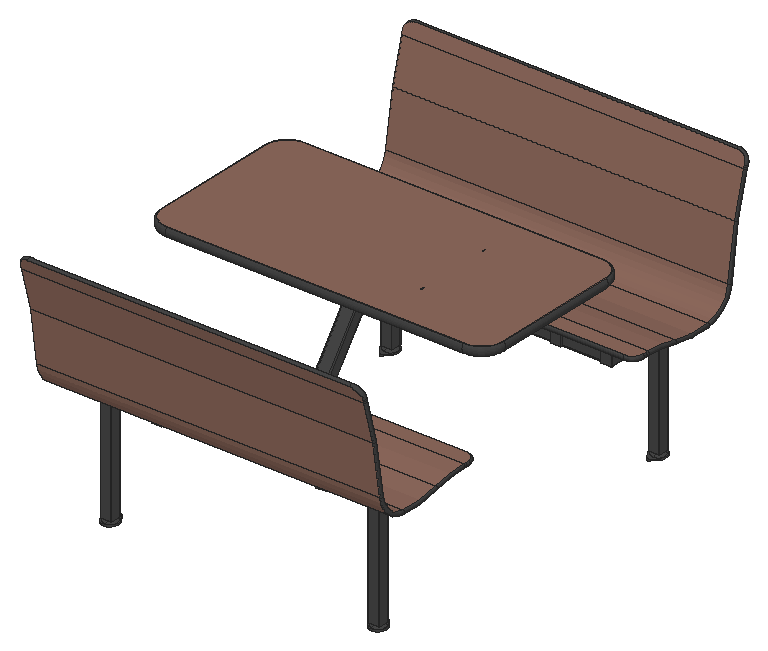
Revit family "Plymold-Contour-Island_Unit", category Furniture, Revit 2022
Family settings
  OmniClass Number = 23.40.20.00
  OmniClass Title = General Furniture and Specialties
  Work Plane-Based = No
  Always vertical = Yes
  Cut with Voids When Loaded = No
  Render Appearance Source = Family Geometry
  Shared = No
  Room Calculation Point = No
Parameters (values of type "CBIS047VE")
  Width = 47"
  VE = yes
  URL = "https://plymold.com/"
  Type Comments = "Contour"  # constant formula
  Top Finish = PLY - Wood Mahogany
  TPD = no
  Sustainability = "https://plymold.com/plymolds-sustainability-efforts/"
  Support Finish = PLY - Onyx Black Powdercoat
  Seat Finish = PLY - Wood Mahogany
  Revit File Built By = "https://servex-us.com/servex-revit/"
  Product Documentation Link = "https://plymold.com/product/contour-island-unit/"
  PVC = no
  Model = "CBIS047VE"
  Manufacturer = "Plymold"  # constant formula
  Keynote = "12500"  # constant formula
  Height = 36"
  Glide Finish = PLY - Plastic Black
  Frame Finish = PLY - Onyx Black Powdercoat
  Edge Finish = PLY - Plastic Black
  Description = "Contour Booth Unit w/Vinyl Edge Table Top - 47\"W x 63\"D x 36\"H"
  Depth = 63"
  Default Elevation = 0"
  DE = no
  Cap Finish = PLY - Plastic Black
  Assembly Code = "E2020200"
Reference planes (in)
  plane 1 "Center Front/Back": y = 0
  plane 2: z = 0
  plane 3 "Center Left/Right": x = 0
  plane 4: x = -23.5
  plane 5: x = 23.5
  plane 6: y = 31.5
  plane 7: y = -31.5
  plane 8: z = 36
  plane 9: z = 30
  plane 10: x = -8
  plane 11: x = 8
  plane 12: x = 5.5
  plane 13: x = -5.5
  plane 14: z = 0.55431
  plane 15: x = -17.5
  plane 16: x = 17.5
  plane 17: x = 0.623
  plane 18: x = 0.75
  plane 19: x = -0.623
  plane 20: x = -0.75
  plane 21: y = 15.14552
  plane 22: y = 15.07552
  plane 23: y = -15.14552
  plane 24: y = -15.07552
Forms (in)
  Extrusion 1, solid, material "PLY - Onyx Black Powdercoat" <- "Frame Finish"
    sketch origin (0, 0, 0) x (0, 1, 0) y (0, 0, 1)
      loop
        line (7.21939, 28.75086) -> (3.28251, 28.75086)
        arc (3.28251, 28.75086) -> (3.08146, 28.66758) -> (2.99819, 28.46653) r 0.28433
        line (2.99819, 28.46653) -> (2.99819, 26.2529) -> (3.13269, 26.2529) -> (3.13269, 28.46159)
        arc (3.13269, 28.46159) -> (3.17803, 28.57107) -> (3.28751, 28.61642) r 0.15483
        line (3.28751, 28.61642) -> (7.21939, 28.61642) -> (7.21939, 28.75086)
      loop
        line (-7.21939, 28.75086) -> (-7.21939, 28.61642) -> (-3.28751, 28.61642)
        arc (-3.28751, 28.61642) -> (-3.17803, 28.57107) -> (-3.13269, 28.46159) r 0.15483
        line (-3.13269, 28.46159) -> (-3.13269, 26.2529) -> (-2.99819, 26.2529) -> (-2.99819, 28.46653)
        arc (-2.99819, 28.46653) -> (-3.08146, 28.66758) -> (-3.28251, 28.75086) r 0.28433
        line (-3.28251, 28.75086) -> (-7.21939, 28.75086)
    from -8 to 8
  Extrusion 2, solid, material "PLY - Onyx Black Powdercoat" <- "Frame Finish"
    sketch origin (0, 0, 0) x (1, 0, 0) y (0, 0, 1)
      loop
        line (-2.25, 26.4393) -> (-2.25, 27.56886)
        arc (-2.25, 27.56886) -> (-2.30473, 27.701) -> (-2.43687, 27.75573) r 0.18687
        line (-2.43687, 27.75573) -> (-3.5625, 27.75573)
        arc (-3.5625, 27.75573) -> (-3.69508, 27.70081) -> (-3.75, 27.56823) r 0.1875
        line (-3.75, 27.56823) -> (-3.75, 26.44039)
        arc (-3.75, 26.44039) -> (-3.69509, 26.30782) -> (-3.56251, 26.2529) r 0.18749
        line (-3.56251, 26.2529) -> (-2.4364, 26.2529)
        arc (-2.4364, 26.2529) -> (-2.3046, 26.3075) -> (-2.25, 26.4393) r 0.1864
      loop
        arc (2.25, 26.4393) -> (2.3046, 26.3075) -> (2.4364, 26.2529) r 0.1864
        line (2.4364, 26.2529) -> (3.56251, 26.2529)
        arc (3.56251, 26.2529) -> (3.69509, 26.30782) -> (3.75, 26.44039) r 0.18749
        line (3.75, 26.44039) -> (3.75, 27.56823)
        arc (3.75, 27.56823) -> (3.69508, 27.70081) -> (3.5625, 27.75573) r 0.1875
        line (3.5625, 27.75573) -> (2.43687, 27.75573)
        arc (2.43687, 27.75573) -> (2.30473, 27.701) -> (2.25, 27.56886) r 0.18687
        line (2.25, 27.56886) -> (2.25, 26.4393)
    from -2.87191 to 2.87191
  Extrusion 3, solid, material "PLY - Onyx Black Powdercoat" <- "Frame Finish"
    sketch origin (0, 0, 0) x (0, 1, 0) y (0, 0, 1)
      loop
        line (2.87191, 27.75296) -> (2.87191, 26.2529) -> (2.99819, 26.2529) -> (2.99819, 27.75296) -> (2.87191, 27.75296)
      loop
        line (-2.87191, 27.75296) -> (-2.99819, 27.75296) -> (-2.99819, 26.2529) -> (-2.87191, 26.2529) -> (-2.87191, 27.75296)
    from -5.5 to 5.5
  Sweep 4, solid, material "PLY - Onyx Black Powdercoat" <- "Frame Finish"
    path origin (0, 0, 0) x (0, 1, 0) y (0, 0, 1)
      loop
        line (23.16702, 14.81734) -> (11.64517, 14.81734) -> (1.7216, 27.99963)
    profile origin (0, 17.40609, 14.81734) x (0, 0, -1) y (1, 0, 0)
      loop
        line (0, -0.85937) -> (0, 0.85938)
        arc (0, 0.85938) -> (-0.04119, 0.95881) -> (-0.14063, 1) r 0.14063
        line (-0.14063, 1) -> (-1.36935, 1)
        arc (-1.36935, 1) -> (-1.46997, 0.95832) -> (-1.51165, 0.8577) r 0.1423
        line (-1.51165, 0.8577) -> (-1.51165, -0.85937)
        arc (-1.51165, -0.85937) -> (-1.47046, -0.95881) -> (-1.37102, -1) r 0.14063
        line (-1.37102, -1) -> (-0.14062, -1)
        arc (-0.14062, -1) -> (-0.04119, -0.95881) -> (0, -0.85937) r 0.14063
  Sweep 5, solid, material "PLY - Onyx Black Powdercoat" <- "Frame Finish"
    path origin (0, 0, 0) x (0, -1, 0) y (0, 0, -1)
      loop
        line (23.15911, -14.81734) -> (11.64517, -14.81734) -> (1.7216, -27.99963)
    profile origin (0, -17.40214, 14.81734) x (0, 0, 1) y (1, 0, 0)
      loop
        arc (0, -0.85937) -> (0.04119, -0.95881) -> (0.14062, -1) r 0.14063
        line (0.14062, -1) -> (1.37102, -1)
        arc (1.37102, -1) -> (1.47046, -0.95881) -> (1.51165, -0.85937) r 0.14063
        line (1.51165, -0.85937) -> (1.51165, 0.8577)
        arc (1.51165, 0.8577) -> (1.46997, 0.95832) -> (1.36935, 1) r 0.1423
        line (1.36935, 1) -> (0.14062, 1)
        arc (0.14062, 1) -> (0.04119, 0.95881) -> (0, 0.85938) r 0.14063
        line (0, 0.85938) -> (0, -0.85937)
  Extrusion 6, void
    sketch origin (0, 0, 0) x (0, 1, 0) y (0, 0, 1)
      loop
        line (3.13269, 25.31037) -> (3.13269, 29.56037) -> (-3.13269, 29.56037) -> (-3.13269, 25.31037) -> (3.13269, 25.31037)
    from -8 to 5.5
  Extrusion 7, solid, material "PLY - Onyx Black Powdercoat" <- "Frame Finish"
    sketch origin (0, 0, 0) x (0, 1, 0) y (0, 0, 1)
      loop
        line (24.60455, 16.32899) -> (23.22952, 16.32899)
        arc (23.22952, 16.32899) -> (23.18532, 16.31068) -> (23.16702, 16.26649) r 0.0625
        line (23.16702, 16.26649) -> (23.16702, 14.87984)
        arc (23.16702, 14.87984) -> (23.18532, 14.83564) -> (23.22952, 14.81734) r 0.0625
        line (23.22952, 14.81734) -> (24.60455, 14.81734)
        arc (24.60455, 14.81734) -> (24.64874, 14.83564) -> (24.66705, 14.87984) r 0.0625
        line (24.66705, 14.87984) -> (24.66705, 16.26649)
        arc (24.66705, 16.26649) -> (24.64874, 16.31068) -> (24.60455, 16.32899) r 0.0625
      loop
        arc (-24.59664, 16.32899) -> (-24.64084, 16.31068) -> (-24.65914, 16.26649) r 0.0625
        line (-24.65914, 16.26649) -> (-24.65914, 14.87984)
        arc (-24.65914, 14.87984) -> (-24.64084, 14.83564) -> (-24.59664, 14.81734) r 0.0625
        line (-24.59664, 14.81734) -> (-23.22161, 14.81734)
        arc (-23.22161, 14.81734) -> (-23.17742, 14.83564) -> (-23.15911, 14.87984) r 0.0625
        line (-23.15911, 14.87984) -> (-23.15911, 16.26649)
        arc (-23.15911, 16.26649) -> (-23.17742, 16.31068) -> (-23.22161, 16.32899) r 0.0625
        line (-23.22161, 16.32899) -> (-24.59664, 16.32899)
    from -17.5 to 17.5
  Extrusion 8, solid, material "PLY - Onyx Black Powdercoat" <- "Frame Finish"
    sketch origin (0, 0, 0) x (0, 1, 0) y (0, 0, 1)
      loop
        arc (15.53417, 16.32899) -> (15.48997, 16.31068) -> (15.47167, 16.26649) r 0.0625
        line (15.47167, 16.26649) -> (15.47167, 14.87984)
        arc (15.47167, 14.87984) -> (15.48997, 14.83564) -> (15.53417, 14.81734) r 0.0625
        line (15.53417, 14.81734) -> (16.90917, 14.81734)
        arc (16.90917, 14.81734) -> (16.95336, 14.83564) -> (16.97167, 14.87984) r 0.0625
        line (16.97167, 14.87984) -> (16.97167, 16.26649)
        arc (16.97167, 16.26649) -> (16.95336, 16.31068) -> (16.90917, 16.32899) r 0.0625
        line (16.90917, 16.32899) -> (15.53417, 16.32899)
      loop
        line (-15.53417, 16.32899) -> (-16.90917, 16.32899)
        arc (-16.90917, 16.32899) -> (-16.95336, 16.31068) -> (-16.97167, 16.26649) r 0.0625
        line (-16.97167, 16.26649) -> (-16.97167, 14.87984)
        arc (-16.97167, 14.87984) -> (-16.95336, 14.83564) -> (-16.90917, 14.81734) r 0.0625
        line (-16.90917, 14.81734) -> (-15.53417, 14.81734)
        arc (-15.53417, 14.81734) -> (-15.48997, 14.83564) -> (-15.47167, 14.87984) r 0.0625
        line (-15.47167, 14.87984) -> (-15.47167, 16.26649)
        arc (-15.47167, 16.26649) -> (-15.48997, 16.31068) -> (-15.53417, 16.32899) r 0.0625
    from -17.5 to 17.5
  Extrusion 9, solid, material "PLY - Onyx Black Powdercoat" <- "Frame Finish"
    sketch origin (0, 0, 0) x (1, 0, 0) y (0, 0, 1)
      loop
        line (-17.5625, 16.32899) -> (-18.9375, 16.32899)
        arc (-18.9375, 16.32899) -> (-18.98169, 16.31068) -> (-19, 16.26649) r 0.0625
        line (-19, 16.26649) -> (-19, 14.87984)
        arc (-19, 14.87984) -> (-18.98169, 14.83564) -> (-18.9375, 14.81734) r 0.0625
        line (-18.9375, 14.81734) -> (-17.5625, 14.81734)
        arc (-17.5625, 14.81734) -> (-17.51831, 14.83564) -> (-17.5, 14.87984) r 0.0625
        line (-17.5, 14.87984) -> (-17.5, 16.26649)
        arc (-17.5, 16.26649) -> (-17.51831, 16.31068) -> (-17.5625, 16.32899) r 0.0625
      loop
        arc (17.5625, 16.32899) -> (17.51831, 16.31068) -> (17.5, 16.26649) r 0.0625
        line (17.5, 16.26649) -> (17.5, 14.87984)
        arc (17.5, 14.87984) -> (17.51831, 14.83564) -> (17.5625, 14.81734) r 0.0625
        line (17.5625, 14.81734) -> (18.9375, 14.81734)
        arc (18.9375, 14.81734) -> (18.98169, 14.83564) -> (19, 14.87984) r 0.0625
        line (19, 14.87984) -> (19, 16.26649)
        arc (19, 16.26649) -> (18.98169, 16.31068) -> (18.9375, 16.32899) r 0.0625
        line (18.9375, 16.32899) -> (17.5625, 16.32899)
    from 15.14552 to 23.15911
  Extrusion 10, solid, material "PLY - Onyx Black Powdercoat" <- "Frame Finish"
    sketch origin (0, 0, 0) x (1, 0, 0) y (0, 0, -1)
      loop
        arc (-17.5625, -16.32899) -> (-17.51831, -16.31068) -> (-17.5, -16.26649) r 0.0625
        line (-17.5, -16.26649) -> (-17.5, -14.87984)
        arc (-17.5, -14.87984) -> (-17.51831, -14.83564) -> (-17.5625, -14.81734) r 0.0625
        line (-17.5625, -14.81734) -> (-18.9375, -14.81734)
        arc (-18.9375, -14.81734) -> (-18.98169, -14.83564) -> (-19, -14.87984) r 0.0625
        line (-19, -14.87984) -> (-19, -16.26649)
        arc (-19, -16.26649) -> (-18.98169, -16.31068) -> (-18.9375, -16.32899) r 0.0625
        line (-18.9375, -16.32899) -> (-17.5625, -16.32899)
      loop
        line (17.5625, -16.32899) -> (18.9375, -16.32899)
        arc (18.9375, -16.32899) -> (18.98169, -16.31068) -> (19, -16.26649) r 0.0625
        line (19, -16.26649) -> (19, -14.87984)
        arc (19, -14.87984) -> (18.98169, -14.83564) -> (18.9375, -14.81734) r 0.0625
        line (18.9375, -14.81734) -> (17.5625, -14.81734)
        arc (17.5625, -14.81734) -> (17.51831, -14.83564) -> (17.5, -14.87984) r 0.0625
        line (17.5, -14.87984) -> (17.5, -16.26649)
        arc (17.5, -16.26649) -> (17.51831, -16.31068) -> (17.5625, -16.32899) r 0.0625
    from 15.14552 to 23.16702
  Extrusion 11, solid, material "PLY - Onyx Black Powdercoat" <- "Frame Finish"
    sketch origin (0, 0, 0) x (1, 0, 0) y (0, 1, 0)
      loop
        line (-19, 24.60455) -> (-19, 23.22952)
        arc (-19, 23.22952) -> (-18.98169, 23.18532) -> (-18.9375, 23.16702) r 0.0625
        line (-18.9375, 23.16702) -> (-17.5625, 23.16702)
        arc (-17.5625, 23.16702) -> (-17.51831, 23.18532) -> (-17.5, 23.22952) r 0.0625
        line (-17.5, 23.22952) -> (-17.5, 24.60455)
        arc (-17.5, 24.60455) -> (-17.51831, 24.64874) -> (-17.5625, 24.66705) r 0.0625
        line (-17.5625, 24.66705) -> (-18.9375, 24.66705)
        arc (-18.9375, 24.66705) -> (-18.98169, 24.64874) -> (-19, 24.60455) r 0.0625
      loop
        arc (19, 24.60455) -> (18.98169, 24.64874) -> (18.9375, 24.66705) r 0.0625
        line (18.9375, 24.66705) -> (17.5625, 24.66705)
        arc (17.5625, 24.66705) -> (17.51831, 24.64874) -> (17.5, 24.60455) r 0.0625
        line (17.5, 24.60455) -> (17.5, 23.22952)
        arc (17.5, 23.22952) -> (17.51831, 23.18532) -> (17.5625, 23.16702) r 0.0625
        line (17.5625, 23.16702) -> (18.9375, 23.16702)
        arc (18.9375, 23.16702) -> (18.98169, 23.18532) -> (19, 23.22952) r 0.0625
        line (19, 23.22952) -> (19, 24.60455)
      loop
        arc (-17.5, -23.22161) -> (-17.51831, -23.17742) -> (-17.5625, -23.15911) r 0.0625
        line (-17.5625, -23.15911) -> (-18.9375, -23.15911)
        arc (-18.9375, -23.15911) -> (-18.98169, -23.17742) -> (-19, -23.22161) r 0.0625
        line (-19, -23.22161) -> (-19, -24.59664)
        arc (-19, -24.59664) -> (-18.98169, -24.64084) -> (-18.9375, -24.65914) r 0.0625
        line (-18.9375, -24.65914) -> (-17.5625, -24.65914)
        arc (-17.5625, -24.65914) -> (-17.51831, -24.64084) -> (-17.5, -24.59664) r 0.0625
        line (-17.5, -24.59664) -> (-17.5, -23.22161)
      loop
        line (17.5, -23.22161) -> (17.5, -24.59664)
        arc (17.5, -24.59664) -> (17.51831, -24.64084) -> (17.5625, -24.65914) r 0.0625
        line (17.5625, -24.65914) -> (18.9375, -24.65914)
        arc (18.9375, -24.65914) -> (18.98169, -24.64084) -> (19, -24.59664) r 0.0625
        line (19, -24.59664) -> (19, -23.22161)
        arc (19, -23.22161) -> (18.98169, -23.17742) -> (18.9375, -23.15911) r 0.0625
        line (18.9375, -23.15911) -> (17.5625, -23.15911)
        arc (17.5625, -23.15911) -> (17.51831, -23.17742) -> (17.5, -23.22161) r 0.0625
    from 0.55431 to 16.32899
  Extrusion 12, void
    sketch origin (0, 0, 0) x (1, 0, 0) y (0, 0, 1)
      loop
        line (-5.36689, 26.37369) -> (-8.16254, 28.8976) -> (-8.16254, 26.13432) -> (-4.94968, 26.13432) -> (-4.94968, 26.2529) -> (-5.05284, 26.2529)
        arc (-5.05284, 26.2529) -> (-5.22108, 26.28414) -> (-5.36689, 26.37369) r 0.46866
      loop
        arc (5.36689, 26.37369) -> (5.22108, 26.28414) -> (5.05284, 26.2529) r 0.46866
        line (5.05284, 26.2529) -> (4.94968, 26.2529) -> (4.94968, 26.13432) -> (8.16254, 26.13432) -> (8.16254, 28.8976) -> (5.36689, 26.37369)
    from -7.21939 to 7.21939
  Extrusion 13, solid, material "PLY - Onyx Black Powdercoat" <- "Support Finish"
    sketch origin (0, 0, 0) x (0, 1, 0) y (0, 0, 1)
      loop
        line (4.8583, 28.61642) -> (3.14939, 28.61642) -> (4.8583, 26.34863) -> (4.8583, 28.61642)
    from 0.623 to 0.75
  Extrusion 14, solid, material "PLY - Onyx Black Powdercoat" <- "Support Finish"
    sketch origin (0, 0, 0) x (0, 1, 0) y (0, 0, 1)
      loop
        line (-4.8587, 28.61642) -> (-4.8587, 26.34575) -> (-3.14935, 28.61642) -> (-4.8587, 28.61642)
    from -0.75 to -0.623
  Extrusion 15, solid, material "PLY - Plastic Black" <- "Cap Finish"
    sketch origin (-2.625, 46.73752, 0.11023) x (1, 0, 0) y (0, 0, 1)
      loop
        line (21.525, 16.21293) -> (20.225, 16.21293)
        arc (20.225, 16.21293) -> (20.15429, 16.18364) -> (20.125, 16.11293) r 0.1
        line (20.125, 16.11293) -> (20.125, 14.81293)
        arc (20.125, 14.81293) -> (20.15429, 14.74222) -> (20.225, 14.71293) r 0.1
        line (20.225, 14.71293) -> (21.525, 14.71293)
        arc (21.525, 14.71293) -> (21.59571, 14.74222) -> (21.625, 14.81293) r 0.1
        line (21.625, 14.81293) -> (21.625, 16.11293)
        arc (21.625, 16.11293) -> (21.59571, 16.18364) -> (21.525, 16.21293) r 0.1
      loop
        arc (-16.275, 16.21293) -> (-16.34571, 16.18364) -> (-16.375, 16.11293) r 0.1
        line (-16.375, 16.11293) -> (-16.375, 14.81293)
        arc (-16.375, 14.81293) -> (-16.34571, 14.74222) -> (-16.275, 14.71293) r 0.1
        line (-16.275, 14.71293) -> (-14.975, 14.71293)
        arc (-14.975, 14.71293) -> (-14.90429, 14.74222) -> (-14.875, 14.81293) r 0.1
        line (-14.875, 14.81293) -> (-14.875, 16.11293)
        arc (-14.875, 16.11293) -> (-14.90429, 16.18364) -> (-14.975, 16.21293) r 0.1
        line (-14.975, 16.21293) -> (-16.275, 16.21293)
    from 31.592 to 31.662
  Extrusion 16, solid, material "PLY - Plastic Black" <- "Cap Finish"
    sketch origin (-2.625, 25.23752, 0.11023) x (1, 0, 0) y (0, 0, 1)
      loop
        line (21.525, 16.21293) -> (20.225, 16.21293)
        arc (20.225, 16.21293) -> (20.15429, 16.18364) -> (20.125, 16.11293) r 0.1
        line (20.125, 16.11293) -> (20.125, 14.81293)
        arc (20.125, 14.81293) -> (20.15429, 14.74222) -> (20.225, 14.71293) r 0.1
        line (20.225, 14.71293) -> (21.525, 14.71293)
        arc (21.525, 14.71293) -> (21.59571, 14.74222) -> (21.625, 14.81293) r 0.1
        line (21.625, 14.81293) -> (21.625, 16.11293)
        arc (21.625, 16.11293) -> (21.59571, 16.18364) -> (21.525, 16.21293) r 0.1
      loop
        arc (-16.275, 16.21293) -> (-16.34571, 16.18364) -> (-16.375, 16.11293) r 0.1
        line (-16.375, 16.11293) -> (-16.375, 14.81293)
        arc (-16.375, 14.81293) -> (-16.34571, 14.74222) -> (-16.275, 14.71293) r 0.1
        line (-16.275, 14.71293) -> (-14.975, 14.71293)
        arc (-14.975, 14.71293) -> (-14.90429, 14.74222) -> (-14.875, 14.81293) r 0.1
        line (-14.875, 14.81293) -> (-14.875, 16.11293)
        arc (-14.875, 16.11293) -> (-14.90429, 16.18364) -> (-14.975, 16.21293) r 0.1
        line (-14.975, 16.21293) -> (-16.275, 16.21293)
    from 40.31304 to 40.38304
Cuts and joins
  Extrusion 6 cuts Sweep 4
  Extrusion 6 cuts Sweep 5
  joined: Sweep 4, Sweep 5, Extrusion 8
  Extrusion 12 cuts Extrusion 1
Lines and regions (in)
  symbolic lines, style "FurnitureHiddenLines", detail levels medium+fine
    curve 1: line (-19, 24.66705, 0) -> (19, 24.66705, 0)
    curve 2: line (19, 24.66705, 0) -> (19, 15.14552, 0)
    curve 3: line (19, 15.14552, 0) -> (-19, 15.14552, 0)
    curve 4: line (-19, 15.14552, 0) -> (-19, 24.66705, 0)
    curve 5: line (-17.5, 23.16702, 0) -> (17.5, 23.16702, 0)
    curve 6: line (-17.5, 16.97167, 0) -> (-17.5, 23.16702, 0)
    curve 7: line (17.5, 16.97167, 0) -> (-17.5, 16.97167, 0)
    curve 8: line (17.5, 23.16702, 0) -> (17.5, 16.97167, 0)
    curve 9: line (-17.5, -23.15911, 0) -> (17.5, -23.15911, 0)
    curve 10: line (-17.5, -16.97167, 0) -> (-17.5, -23.15911, 0)
    curve 11: line (17.5, -16.97167, 0) -> (-17.5, -16.97167, 0)
    curve 12: line (17.5, -23.15911, 0) -> (17.5, -16.97167, 0)
    curve 13: line (-19, -15.15948, 0) -> (19, -15.15948, 0)
    curve 14: line (-19, -24.65948, 0) -> (-19, -15.15948, 0)
    curve 15: line (19, -24.65948, 0) -> (-19, -24.65948, 0)
    curve 16: line (19, -15.15948, 0) -> (19, -24.65948, 0)
    curve 17: line (-1, 7.21939, 0) -> (-1, 15.14552, 0)
    curve 18: line (-1, -7.21939, 0) -> (-1, -15.15948, 0)
    curve 19: line (0.99934, -7.21939, 0) -> (0.99934, -15.15948, 0)
    curve 20: line (-8, -7.21939, 0) -> (8, -7.21939, 0)
    curve 21: line (-8, -2.99819, 0) -> (-8, -7.21939, 0)
    curve 22: line (8, -2.99819, 0) -> (-8, -2.99819, 0)
    curve 23: line (8, -7.21939, 0) -> (8, -2.99819, 0)
    curve 24: line (-8, 7.21939, 0) -> (8, 7.21939, 0)
    curve 25: line (-8, 2.99819, 0) -> (-8, 7.21939, 0)
    curve 26: line (8, 2.99819, 0) -> (-8, 2.99819, 0)
    curve 27: line (8, 7.21939, 0) -> (8, 2.99819, 0)
    curve 28: line (1, 7.21939, 0) -> (1, 15.14552, 0)
    curve 29: line (-3.75, 2.99819, 0) -> (-3.75, -2.99819, 0)
    curve 30: line (-2.25, 2.99819, 0) -> (-2.25, -2.99819, 0)
    curve 31: line (3.75, 2.99819, 0) -> (3.75, -2.99819, 0)
    curve 32: line (2.25, 2.99819, 0) -> (2.25, -2.99819, 0)
Dimensions and locks (in)
  equal spacing: plane 4, plane 3 "Center Left/Right", plane 5
  "Width": plane 4 to plane 5
  equal spacing: plane 6, plane 1 "Center Front/Back", plane 7
  "Depth": plane 6 to plane 7
  Extrusion 3 sketch curve to Extrusion 3 sketch curve to plane 1 "Center Front/Back" to Extrusion 3 sketch curve to Extrusion 3 sketch curve = 0.12627" locked, 2.87191" locked, 2.87191" locked, 0.12627" locked
  Extrusion 3 sketch curve to Extrusion 3 sketch curve to plane 2 = 1.50006" locked, 26.2529" locked  (x2)
  Extrusion 2 sketch curve to Extrusion 2 sketch curve to plane 3 "Center Left/Right" to Extrusion 2 sketch curve to Extrusion 2 sketch curve = 1.12563" locked, 2.43687" locked, 2.43687" locked, 1.12563" locked
  Extrusion 2 sketch curve to Extrusion 2 sketch curve to plane 3 "Center Left/Right" to Extrusion 2 sketch curve to Extrusion 2 sketch curve = 1.12611" locked, 2.4364" locked, 2.4364" locked, 1.12611" locked
  Extrusion 2 sketch curve to Extrusion 2 sketch curve to plane 2 = 1.12784" locked, 26.44039" locked  (x2)
  Extrusion 2 sketch curve to Extrusion 2 sketch curve to plane 2 = 1.12956" locked, 26.4393" locked  (x2)
  Extrusion 1 sketch curve to Extrusion 1 sketch curve to Extrusion 1 sketch curve to plane 2 = 0.00494" locked, 2.20869" locked, 26.2529" locked
  plane 2 to Extrusion 1 sketch curve to Extrusion 1 sketch curve to Extrusion 1 sketch curve = 26.2529" locked, 2.20869" locked, 0.00494" locked
  Extrusion 1 sketch curve to Extrusion 1 sketch curve to Extrusion 1 sketch curve to plane 1 "Center Front/Back" to Extrusion 1 sketch curve to Extrusion 1 sketch curve to Extrusion 1 sketch curve = 3.93188" locked, 0.005" locked, 3.28251" locked, 3.28251" locked, 0.005" locked, 3.93188" locked
  plane 2 to Extrusion 6 sketch curve to Extrusion 6 sketch curve = 25.31037" locked, 4 1/4" locked
  Extrusion 6 sketch curve to plane 1 "Center Front/Back" to Extrusion 6 sketch curve = 3.13269", 3.13269"
  Extrusion 8 sketch curve to Extrusion 8 sketch curve to plane 2 = 1.38665" locked, 14.87984" locked  (x4)
  Extrusion 8 sketch curve to Extrusion 8 sketch curve to plane 1 "Center Front/Back" = 1 3/8" locked, 15.53417" locked  (x2)
  plane 1 "Center Front/Back" to Extrusion 8 sketch curve to Extrusion 8 sketch curve = 15.53417" locked, 1 3/8" locked  (x2)
  Extrusion 9 sketch curve to Extrusion 9 sketch curve to plane 5 = 1 3/8" locked, 4 9/16" locked  (x2)
  Extrusion 9 sketch curve to Extrusion 9 sketch curve to plane 4 = 1 3/8" locked, 4 9/16" locked
  plane 4 to Extrusion 9 sketch curve to Extrusion 9 sketch curve = 4 9/16" locked, 1 3/8" locked
  Extrusion 9 sketch curve to Extrusion 9 sketch curve to plane 2 = 1.38665" locked, 14.87984" locked  (x4)
  Extrusion 10 sketch curve to Extrusion 10 sketch curve to plane 5 = 1 3/8" locked, 4 9/16" locked  (x2)
  Extrusion 10 sketch curve to Extrusion 10 sketch curve to plane 2 = 1.38665" locked, 14.87984"
  Extrusion 10 sketch curve to Extrusion 10 sketch curve to plane 2 = 1.38665" locked, 14.87984" locked  (x3)
  Extrusion 10 sketch curve to Extrusion 10 sketch curve to plane 4 = 1 3/8" locked, 4 9/16" locked
  plane 4 to Extrusion 10 sketch curve to Extrusion 10 sketch curve = 4 9/16" locked, 1 3/8" locked
  Extrusion 11 sketch curve to Extrusion 11 sketch curve to plane 5 = 1 3/8" locked, 4 9/16" locked  (x4)
  Extrusion 11 sketch curve to Extrusion 11 sketch curve to plane 4 = 1 3/8" locked, 4 9/16" locked  (x2)
  plane 4 to Extrusion 11 sketch curve to Extrusion 11 sketch curve = 4 9/16" locked, 1 3/8" locked  (x2)
  Extrusion 11 sketch curve to Extrusion 11 sketch curve to plane 6 = 1.37503" locked, 6.89545" locked  (x4)
  locked: plane 4 to plane 15 at 6
  locked: plane 16 to plane 5 at 6
  Extrusion 11 sketch curve to Extrusion 11 sketch curve to plane 7 = 1.37503" locked, 6.90336" locked  (x4)
  Extrusion 12 sketch curve to Extrusion 12 sketch curve to Extrusion 12 sketch curve to plane 3 "Center Left/Right" to Extrusion 12 sketch curve to Extrusion 12 sketch curve to Extrusion 12 sketch curve = 3.1097" locked, 0.10316" locked, 4.94968" locked, 4.94968" locked, 0.10316" locked, 3.1097" locked
  Extrusion 12 sketch curve to Extrusion 12 sketch curve to Extrusion 12 sketch curve to plane 2 = 2.17604" locked, 0.58724" locked, 26.13432"
  plane 2 to Extrusion 12 sketch curve to Extrusion 12 sketch curve to Extrusion 12 sketch curve = 26.13432" locked, 0.58724" locked, 2.17604" locked
  locked: nested 1 to plane 4 at 12.315
  locked: plane 5 to nested 2 at 12.315
  plane 4 to nested 1 = 12.315"
  locked: nested 2 to plane 5 at 12.315
  locked: plane 4 to nested 3 at 12.315
  locked: nested 4 to plane 5 at 12.315
  locked: plane 4 to nested 6 at 5.25
  locked: nested 6 to plane 6 at 7.58297
  locked: plane 6 to nested 5 at 7.58297
  locked: plane 7 to nested 8 at 7.58297
  locked: plane 4 to nested 8 at 5.25
  locked: nested 7 to plane 5 at 5.25
  locked: nested 7 to plane 7 at 7.58297
  locked: plane 7 to nested 10 at 7.89899
  locked: nested 9 to plane 6 at 7.89899
  plane 10 to plane 13 to plane 20 to plane 19 to plane 3 "Center Left/Right" to plane 17 to plane 18 to plane 12 to plane 11 = 2 1/2" locked, 4 3/4" locked, 0.127" locked, 0.623" locked, 0.623" locked, 0.127" locked, 4 3/4" locked, 2 1/2" locked
  plane 1 "Center Front/Back" to Extrusion 14 sketch curve to Extrusion 14 sketch curve to Extrusion 14 sketch curve = 3.14935" locked, 1.70935" locked, 0" locked
  Extrusion 14 sketch curve to Extrusion 14 sketch curve to Extrusion 14 sketch curve to plane 2 = 0" locked, 2.27067" locked, 26.34575" locked
  plane 1 "Center Front/Back" to Extrusion 13 sketch curve to Extrusion 13 sketch curve to Extrusion 13 sketch curve = 3.14939" locked, 1.70891" locked, 0" locked
  Extrusion 13 sketch curve to Extrusion 13 sketch curve to Extrusion 13 sketch curve to plane 2 = 0" locked, 2.2678" locked, 26.34863" locked
  "Height": plane 8 to plane 2
  locked: plane 14 to plane 2 at 0.55431
  locked: nested 5 to plane 5 at 5.25
  plane 4 to Extrusion 16 sketch curve to Extrusion 16 sketch curve = 4.6" locked, 1.3" locked  (x2)
  Extrusion 16 sketch curve to Extrusion 16 sketch curve to plane 2 = 1.4" locked, 14.92316" locked
  Extrusion 16 sketch curve to Extrusion 16 sketch curve to plane 2 = 1.3" locked, 14.92316" locked  (x3)
  Extrusion 16 sketch curve to Extrusion 16 sketch curve to plane 5 = 1.3" locked, 4.6" locked  (x2)
  Extrusion 15 sketch curve to Extrusion 15 sketch curve to plane 4 = 1.3" locked, 4.6" locked
  plane 4 to Extrusion 15 sketch curve to Extrusion 15 sketch curve = 4.6" locked, 1.3" locked
  Extrusion 15 sketch curve to Extrusion 15 sketch curve to plane 2 = 1.3" locked, 14.92316" locked  (x4)
  Extrusion 15 sketch curve to Extrusion 15 sketch curve to plane 5 = 1.3" locked, 4.6" locked
  plane 5 to Extrusion 15 sketch curve to Extrusion 15 sketch curve = 4.6" locked, 1.3" locked
  aligned and locked: level to plane 2
  aligned and locked: plane 10 to Extrusion 1
  aligned and locked: plane 11 to Extrusion 1
  aligned and locked: Extrusion 2 to Extrusion 3  (x2)
  aligned and locked: Extrusion 3 to plane 13
  aligned and locked: Extrusion 3 to plane 12
  aligned and locked: Extrusion 6 to Extrusion 3
  aligned and locked: Extrusion 10 to Extrusion 7
  aligned and locked: Extrusion 7 to plane 15
  aligned and locked: cut or joined group of Sweep 4, Sweep 5, Extrusion 6, Extrusion 8 to plane 15
  aligned and locked: Extrusion 7 to plane 16
  aligned and locked: cut or joined group of Sweep 4, Sweep 5, Extrusion 6, Extrusion 8 to plane 16
  aligned and locked: Extrusion 12 to Extrusion 1  (x2)
  aligned and locked: plane 3 "Center Left/Right" to nested 9
  aligned and locked: nested 10 to plane 3 "Center Left/Right"
  aligned and locked: Extrusion 11 to plane 14
  aligned and locked: plane 14 to Extrusion 11
  aligned and locked: plane 1 "Center Front/Back" to nested 11
  aligned and locked: plane 3 "Center Left/Right" to nested 11
  aligned and locked: nested 11 to plane 9
  aligned and locked: Extrusion 13 to plane 18
  aligned and locked: plane 17 to Extrusion 13
  aligned and locked: plane 20 to Extrusion 14
  aligned and locked: Extrusion 14 to plane 19
  aligned and locked: Extrusion 13 to plane 17
  aligned and locked: plane 18 to Extrusion 13
  aligned and locked: plane 23 to Extrusion 9
  aligned and locked: Extrusion 16 to plane 23
  aligned and locked: Extrusion 16 to plane 24
Automatic sketch dimensions
  Extrusion 2 sketch curve to Extrusion 2 sketch curve = 3/16"
  Extrusion 2 sketch curve to Extrusion 2 sketch curve = 0.1864"
  curve 3 to plane 21 = 0"
  curve 5 to plane 15 = 0"
  curve 11 to plane 15 = 0"
  curve 20 to plane 10 = 0"
  curve 25 to plane 10 = 0"
  curve 27 to plane 11 = 0"
  curve 22 to plane 11 = 0"
  curve 7 to plane 16 = 0"
  curve 9 to plane 16 = 0"
  curve 4 to plane 15 = 1 1/2"
  curve 15 to plane 15 = 1 1/2"
  curve 2 to plane 16 = 1 1/2"
  curve 13 to plane 23 = 0.01395"
  curve 13 to plane 16 = 1 1/2"
  curve 12 to plane 23 = 1.82614"
  curve 10 to curve 10 = 6.18745"
  curve 16 to curve 9 = 1.50036"
  plane 1 "Center Front/Back" to curve 21 = 7.21939"
  plane 1 "Center Front/Back" to curve 22 = 2.99819"
  curve 25 to plane 1 "Center Front/Back" = 2.99819"
  curve 25 to curve 25 = 4.22121"
  curve 6 to plane 21 = 1.82614"
  curve 6 to curve 6 = 6.19535"
  curve 5 to curve 2 = 1.50003"
  plane 13 to curve 29 = 1 3/4"
  curve 29 to curve 30 = 1 1/2"
  plane 20 to curve 18 = 1/4"
  plane 20 to curve 17 = 1/4"
  curve 19 to plane 18 = 0.24934"
  curve 28 to plane 18 = 1/4"
  curve 32 to plane 18 = 1 1/2"
  curve 32 to curve 31 = 1 1/2"
  Extrusion 1 sketch curve to Extrusion 1 sketch curve = 0.14983"
  Extrusion 1 sketch curve to Extrusion 1 sketch curve = 0.1345"  (x2)
  Extrusion 1 sketch curve to Extrusion 1 sketch curve = 0.28933"
  Sweep 4 sketch curve to plane 22 = 3.43035"
  plane 14 to Sweep 4 sketch curve = 14.26303"
  Sweep 4 sketch curve to plane 1 "Center Front/Back" = 1.7216"
  Sweep 4 sketch curve to plane 21 = 8.0215"
  plane 9 to Sweep 4 sketch curve = 2.00037"
  Sweep 4 sketch curve to profile plane = 0"
  Sweep 4 sketch curve to Sweep 4 sketch curve = 9/64"
  profile plane to Sweep 4 sketch curve = 9/64"
  Sweep 4 sketch curve to Sweep 4 sketch curve = 1.22873"
  Sweep 4 sketch curve to Sweep 4 sketch curve = 1.2304"
  Sweep 4 sketch curve to Sweep 4 sketch curve = 0.1423"
  Sweep 4 sketch curve to profile plane = 1"
  profile plane to Sweep 4 sketch curve = 0.8577"
  Sweep 5 sketch curve to plane 24 = 3.43035"
  plane 14 to Sweep 5 sketch curve = 14.26303"
  plane 1 "Center Front/Back" to Sweep 5 sketch curve = 1.7216"
  Sweep 5 sketch curve to plane 23 = 8.01359"
  plane 9 to Sweep 5 sketch curve = 2.00037"
  Sweep 5 sketch curve to profile plane = 0"
  Sweep 5 sketch curve to profile plane = 9/64"  (x2)
  Sweep 5 sketch curve to Sweep 5 sketch curve = 1.22873"
  Sweep 5 sketch curve to Sweep 5 sketch curve = 1.2304"
  Sweep 5 sketch curve to Sweep 5 sketch curve = 0.1423"
  Sweep 5 sketch curve to profile plane = 1"
  profile plane to Sweep 5 sketch curve = 0.8577"
  plane 7 to Extrusion 7 sketch curve = 6.84086"
  Extrusion 7 sketch curve to Extrusion 7 sketch curve = 1/16"  (x6)
  Extrusion 7 sketch curve to Extrusion 7 sketch curve = 1.37503"  (x4)
  Extrusion 7 sketch curve to plane 21 = 8.0215"
  plane 14 to Extrusion 7 sketch curve = 14.26303"  (x2)
  Extrusion 7 sketch curve to Extrusion 7 sketch curve = 1.38665"  (x2)
  Extrusion 8 sketch curve to Extrusion 8 sketch curve = 1/16"  (x2)
  Extrusion 9 sketch curve to plane 15 = 0"
  plane 16 to Extrusion 9 sketch curve = 0"
  Extrusion 10 sketch curve to plane 15 = 0"
  plane 16 to Extrusion 10 sketch curve = 0"
  Extrusion 11 sketch curve to plane 15 = 0"  (x2)
  Extrusion 11 sketch curve to plane 16 = 0"  (x2)
  plane 13 to Extrusion 12 sketch curve = 0.13311"
  plane 12 to Extrusion 12 sketch curve = 0.13311"
  Extrusion 15 sketch curve to plane 15 = 0"
  plane 16 to Extrusion 15 sketch curve = 0"
  plane 16 to Extrusion 16 sketch curve = 0"
Nested families (in)
  nested 1: "Support" at (-11.185, 13.87647, 0.11888), Support Finish <- "Support Finish", type "Support"
    with Support Finish PLY - Onyx Black Powdercoat
  nested 2: "Support" at (11.185, 13.87647, 0.11888) x (-1, 0, 0) z (0, 0, 1), Support Finish <- "Support Finish", type "Support"
    with Support Finish PLY - Onyx Black Powdercoat
  nested 3: "Support" at (-11.185, -13.87647, 0.11888), Support Finish <- "Support Finish", type "Support"
    with Support Finish PLY - Onyx Black Powdercoat
  nested 4: "Support" at (11.185, -13.87647, 0.11888) x (-1, 0, 0) z (0, 0, 1), Support Finish <- "Support Finish", type "Support"
    with Support Finish PLY - Onyx Black Powdercoat
  nested 5: "Glide" at (18.25, 23.91703, 0) x (0, 1, 0) z (0, 0, 1), Glides Finish <- "Glide Finish", type "Glide"
    with Glides Finish PLY - Plastic Black
  nested 6: "Glide" at (-18.25, 23.91703, 0) x (0, 1, 0) z (0, 0, 1), Glides Finish <- "Glide Finish", type "Glide"
    with Glides Finish PLY - Plastic Black
  nested 7: "Glide" at (18.25, -23.91703, 0) x (0, -1, 0) z (0, 0, 1), Glides Finish <- "Glide Finish", type "Glide"
    with Glides Finish PLY - Plastic Black
  nested 8: "Glide" at (-18.25, -23.91703, 0) x (0, -1, 0) z (0, 0, 1), Glides Finish <- "Glide Finish", type "Glide"
    with Glides Finish PLY - Plastic Black
  nested 9: "Seat" at (0, 23.60101, 0.21875), Seat Finish <- "Seat Finish", Width <- "Width", type "Seat"
    with Width 47", Seat Finish PLY - Wood Mahogany
  nested 10: "Seat" at (0, -23.60101, 0.21875), Seat Finish <- "Seat Finish", Width <- "Width", type "Seat"
    with Width 47", Seat Finish PLY - Wood Mahogany
  nested 11: "PLM-Cafeteria_Top" at (0, 0, 30), W <- "Width", Edge Finish <- "Edge Finish", Top Finish <- "Top Finish", DE <- "DE", TPD <- "TPD", VE <- "VE", PVC <- "PVC", type "PLM-Cafeteria_Top"
    with W 47", VE-void 1 3/4", VE yes, Top Finish PLY - Wood Mahogany, TPD-void 1/8", TPD no, PVC-void 1/8", PVC no, Edge Finish PLY - Plastic Black, DE-void 1/8", DE no, D 24"
Definition of nested family "Support"
  Parameters (values of type "Support")
    Revit Model Built By = "https://servex-us.com/servex-revit/"
    Support Finish [instance] = none
    Default Elevation = 0"
  Reference planes (in)
    plane 1 "Center (Front/Back)": y = 0
    plane 2: z = 0
    plane 3 "Center (Left/Right)": x = 0
  Forms (in)
    Extrusion 1, solid, material <- "Support Finish"
      sketch origin (7.194, 9.73703, 0.19567) x (0, 1, 0) y (0, 0, 1)
        loop
          line (-6.15494, 14.5) -> (-8.15494, 14.5) -> (-8.15494, 17.26089) -> (-9.72353, 17.17869) -> (-9.71647, 17.04387) -> (-8.28994, 17.11863) -> (-8.28994, 14.365) -> (-6.15494, 14.365) -> (-6.15494, 14.5)
      from -7.8815 to -6.5065
    Blend 2, solid, material <- "Support Finish"
      base sketch origin (7.194, 9.73703, 0.19567) x (1, 0, 0) y (0, 0, 1)
        loop
          line (-9.4465, 17.13715) -> (-8.11649, 17.13715) -> (-7.93649, 16.98137) -> (-6.45651, 16.98137) -> (-6.27651, 17.13715) -> (-4.9465, 17.13715) -> (-4.9465, 17.27097) -> (-6.3265, 17.27097) -> (-6.5065, 17.11519) -> (-7.8865, 17.11519) -> (-8.0665, 17.27097) -> (-9.4465, 17.27097) -> (-9.4465, 17.13715)
      top sketch origin (7.194, 9.73703, 0.19567) x (1, 0, 0) y (0, 0, 1)
        loop
          line (-9.4465, 17.19834) -> (-9.4465, 17.06453) -> (-8.11649, 17.06453) -> (-7.93649, 16.90875) -> (-6.45651, 16.90875) -> (-6.27651, 17.06453) -> (-4.9465, 17.06453) -> (-4.9465, 17.19834) -> (-6.3265, 17.19834) -> (-6.5065, 17.04256) -> (-7.8865, 17.04256) -> (-8.0665, 17.19834) -> (-9.4465, 17.19834)
      from 8.36395 to 9.73703
    Extrusion 3, solid, material <- "Support Finish"
      sketch origin (-0.0025, 9.26424, 14.56067) x (0, 1, 0) y (0, 0, 1)
        loop
          line (1.56923, 1.34533) -> (1.68319, 1.36338) -> (1.68319, 1.43881) -> (1.48775, 1.40785) -> (1.62789, 0.0745) -> (0.06539, 0.0745) -> (0.01087, 0.38373) -> (-0.0625, 0.37079) -> (0.00288, 0) -> (1.71063, 0) -> (1.56923, 1.34533)
      from -0.6875 to 0.6875
    Blend 4, solid, material <- "Support Finish"
      base sketch origin (-0.0025, 9.26424, 14.56067) x (1, 0, 0) y (0, 0, 1)
        loop
          line (-2.25, 1.64413) -> (-2.25, 1.51664) -> (-0.91999, 1.51664) -> (-0.73999, 1.36131) -> (0.73999, 1.36131) -> (0.91999, 1.51664) -> (2.25, 1.51664) -> (2.25, 1.64413) -> (0.91999, 1.64413) -> (0.73999, 1.4888) -> (-0.73999, 1.4888) -> (-0.91999, 1.64413) -> (-2.25, 1.64413)
      top sketch origin (-0.0025, 9.26424, 14.56067) x (1, 0, 0) y (0, 0, 1)
        loop
          line (-2.25, 1.65006) -> (-0.87, 1.65006) -> (-0.69, 1.49473) -> (0.69, 1.49473) -> (0.87, 1.65006) -> (2.25, 1.65006) -> (2.25, 1.77755) -> (0.87, 1.77755) -> (0.69, 1.62222) -> (-0.69, 1.62222) -> (-0.87, 1.77755) -> (-2.25, 1.77755) -> (-2.25, 1.65006)
      from -1.68319 to -3.06469
  Dimensions and locks (in)
    Blend 2 sketch curve to Blend 2 sketch curve to Blend 2 sketch curve to Blend 2 sketch curve to Blend 2 sketch curve to Blend 2 sketch curve to Blend 2 sketch curve to Blend 2 sketch curve to Blend 2 sketch curve to Blend 2 sketch curve = 1.33001" locked, 0.04999" locked, 0.13001" locked, 0.04999" locked, 1.38" locked, 0.04999" locked, 0.13001" locked, 0.04999" locked, 1.33001" locked  (x2)
    aligned and locked: plane 2 to level
Definition of nested family "Glide"
  Parameters (values of type "Glide")
    Revit Model Built By = "https://servex-us.com/servex-revit/"
    Glides Finish [instance] = none
    Default Elevation = 0"
  Reference planes (in)
    plane 1 "Center (Front/Back)": y = 0
    plane 2: z = 0
    plane 3 "Center (Left/Right)": x = 0
  Forms (in)
    Extrusion 1, solid, material <- "Glides Finish"
      sketch origin (27.87221, -11.024, 15.875) x (-0.720369, -0.693591, 0) y (0.693591, -0.720369, 0)
        loop
          line (12.27974, -28.36016) -> (13.37471, -28.52976)
          arc (13.37471, -28.52976) -> (13.64532, -28.44132) -> (13.73375, -28.17071) r 0.3146
          line (13.73375, -28.17071) -> (13.56416, -27.07574)
          arc (13.56416, -27.07574) -> (11.6562, -26.4522) -> (12.27974, -28.36016) r 1.12543
      from -15.875 to -15.725
    Revolve 2, solid, material <- "Glides Finish"
      sketch origin (9.978, 1.70954, 0) x (0.985095, 0.172009, 0) y (0, 0, 1)
        loop
          line (-9.93863, 0.563) -> (-10.12613, 0.563) -> (-10.12613, 0.15) -> (-9.23318, 0.15)
          arc (-9.23318, 0.15) -> (-9.54076, 0.25365) -> (-9.75208, 0.5) r 0.61205
          line (-9.75208, 0.5) -> (-9.93863, 0.5) -> (-9.93863, 0.563)
        axis (-10.12613, 0.563) -> (-10.12613, 0.15)
      angle from 0 to 360
  Lines and regions (in)
    symbolic lines
      curve 1: line (-0.64408, 0.88869, 0) -> (-1.55049, 0.2514, 0)
      curve 2: arc (-1.55049, 0.2514, 0) -> (-1.68409, 0, 0) -> (-1.56011, -0.25628, 0) r 0.3146
      curve 3: line (-1.56011, -0.25628, 0) -> (-0.67848, -0.92743, 0)
      curve 4: arc (-0.67848, -0.92743, 0) -> (1.12844, -0.05327, 0) -> (-0.64408, 0.88869, 0) r 1.12543
  Dimensions and locks (in)
    locked: Extrusion 1 sketch curve to Extrusion 1 sketch curve at 1.34783
    locked: Extrusion 1 sketch curve to Extrusion 1 sketch curve at 0.26174
    Revolve 2 sketch curve to Revolve 2 sketch curve to Revolve 2 sketch curve = 3/16" locked, 0.74013" locked
    aligned and locked: plane 2 to level
    aligned and locked: Revolve 2 sketch curve to Revolve 2 sketch curve
    aligned and locked: curve 1 to Extrusion 1
    aligned and locked: curve 2 to Extrusion 1
    aligned and locked: curve 3 to Extrusion 1
    aligned and locked: curve 4 to Extrusion 1
Definition of nested family "Seat"
  Parameters (values of type "Seat")
    Width [instance] = 42"
    URL = ""
    Type Comments = ""
    Seat Finish [instance] = none
    Revit File Built By = ""
    Model = ""
    Manufacturer = ""
    Keynote = ""
    Height = 36"
    Description = ""
    Depth = 20 1/2"
    Default Elevation = 0"
    Assembly Code = ""
  Reference planes (in)
    plane 1 "Center Front/Back": y = 0
    plane 2: z = 0
    plane 3 "Center Left/Right": x = 0
    plane 4: x = -21
    plane 5: x = 21
    plane 6: z = 36
    plane 7: y = 10.25
    plane 8: y = -10.25
    plane 9: z = 14.5
    plane 10: z = 14.25
    plane 11: z = 2.5
    plane 12: through (0, 9.58758, 34.11925) normal (0, 0.3531, 0.9356)
    plane 13: through (0, 5.3357, 35.21098) normal (0, 0.9356, -0.3531)
  Forms (in)
    Sweep 1, solid, material <- "Seat Finish"
      path origin (0, 0, 0) x (0, 1, 0) y (0, 0, 1)
        loop
          line (9.14625, 32.94975) -> (9.05799, 32.71585)
          arc (9.05799, 32.71585) -> (8.18189, 29.97572) -> (7.59152, 27.16017) r 28.00536
          arc (7.59152, 27.16017) -> (7.02317, 23.5541) -> (6.44749, 19.94918) r 1794.73758
          arc (6.44749, 19.94918) -> (5.10417, 17.4011) -> (2.49079, 16.18968) r 4.5
          arc (2.49079, 16.18968) -> (-0.46121, 16.14884) -> (-3.36839, 16.66297) r 15.65414
          arc (-3.36839, 16.66297) -> (-5.60505, 17.12128) -> (-7.883, 17.27497) r 16.95769
          line (-7.883, 17.27497) -> (-8.2304, 17.27497)
      profile origin (0, -8.0567, 17.27497) x (0, 0, -1) y (1, 0, 0)
        loop
          arc (0, 20.875) -> (-0.28201, 21) -> (-0.56402, 20.875) r 0.38062
          line (-0.56402, 20.875) -> (-0.56402, -20.875)
          arc (-0.56402, -20.875) -> (-0.28201, -21) -> (0, -20.875) r 0.38062
          line (0, -20.875) -> (0, 20.875)
    Sweep 2, solid, material <- "Seat Finish"
      path origin (0, 5.3357, 35.21098) x (0, -0.353061, -0.9356) y (-1, 0, 0)
        loop
          line (0.77025, 21) -> (0.52719, 21)
          arc (0.52719, 21) -> (-0.53347, 20.56066) -> (-0.97281, 19.5) r 1.5
          line (-0.97281, 19.5) -> (-0.97281, -19.5)
          arc (-0.97281, -19.5) -> (-0.53347, -20.56066) -> (0.52719, -21) r 1.5
          line (0.52719, -21) -> (0.77025, -21)
      profile origin (0, 5.67916, 36.12114) x (0, -0.353061, -0.9356) y (0, 0.9356, -0.353061)
        loop
          line (0.49306, 4.36351) -> (0.125, 4.36351)
          arc (0.125, 4.36351) -> (-0.00007, 4.0815) -> (0.125, 3.79949) r 0.38048
          line (0.125, 3.79949) -> (0.49306, 3.79949) -> (0.49306, 4.36351)
    Sweep 3, solid, material <- "Seat Finish"
      path origin (0, 0, 0) x (1, 0, 0) y (0, 1, 0)
        loop
          line (-21, -8.2304) -> (-21, -8.75)
          arc (-21, -8.75) -> (-20.56066, -9.81066) -> (-19.5, -10.25) r 1.5
          line (-19.5, -10.25) -> (19.5, -10.25)
          arc (19.5, -10.25) -> (20.56066, -9.81066) -> (21, -8.75) r 1.5
          line (21, -8.75) -> (21, -8.2304)
      profile origin (0, -10.25, 0) x (0, 1, 0) y (0, 0, 1)
        loop
          line (0.35779, 17.83899) -> (0.125, 17.83899)
          arc (0.125, 17.83899) -> (-0.00029, 17.55698) -> (0.125, 17.27497) r 0.38003
          line (0.125, 17.27497) -> (0.35779, 17.27497) -> (0.35779, 17.83899)
    Extrusion 4, solid, material <- "Seat Finish"
      sketch origin (0, 0, 0) x (1, 0, 0) y (0, 1, 0)
        loop
          line (20.64221, -8.2304) -> (-20.64221, -8.2304) -> (-20.64221, -8.75)
          arc (-20.64221, -8.75) -> (-20.30766, -9.55766) -> (-19.5, -9.89221) r 1.14221
          line (-19.5, -9.89221) -> (19.5, -9.89221)
          arc (19.5, -9.89221) -> (20.30766, -9.55766) -> (20.64221, -8.75) r 1.14221
          line (20.64221, -8.75) -> (20.64221, -8.2304)
      from 17.27497 to 17.83899
    Extrusion 5, solid, material <- "Seat Finish"
      sketch origin (0, 5.3357, 35.21098) x (0, -0.353061, -0.9356) y (-1, 0, 0)
        loop
          arc (0.52719, 20.50694) -> (-0.18482, 20.21201) -> (-0.47975, 19.5) r 1.00694
          line (-0.47975, 19.5) -> (-0.47975, -19.5)
          arc (-0.47975, -19.5) -> (-0.18482, -20.21201) -> (0.52719, -20.50694) r 1.00694
          line (0.52719, -20.50694) -> (0.77025, -20.50694) -> (0.77025, 20.50694) -> (0.52719, 20.50694)
      from 3.79949 to 4.36351
  Cuts and joins
    joined: Sweep 1, Sweep 2, Sweep 3, Extrusion 4, Extrusion 5
  Dimensions and locks (in)
    "Height": plane 6 to plane 2
    equal spacing: plane 8, plane 1 "Center Front/Back", plane 7
    "Depth": plane 7 to plane 8
    equal spacing: plane 4, plane 3 "Center Left/Right", plane 5
    "Width": plane 4 to plane 5
    plane 9 to plane 10 to plane 11 to plane 2 = 1/4" locked, 11 3/4" locked, 2 1/2" locked
    locked: plane 4 to Sweep 2 sketch curve at 1.5
    locked: Sweep 2 sketch curve to plane 5 at 1.5
    locked: Extrusion 5 sketch curve to plane 5 at 1.5
    locked: plane 4 to Extrusion 5 sketch curve at 1.5
    locked: plane 12 to Extrusion 5 sketch curve at 1.25
    locked: plane 4 to Sweep 3 sketch curve at 1.5
    locked: Sweep 3 sketch curve to plane 5 at 1.5
    locked: plane 8 to Sweep 3 sketch curve at 1.5  (x2)
    locked: Sweep 1 sketch curve to plane 5 at 0.38062
    locked: Sweep 1 sketch curve to plane 4 at 0.38062
    aligned and locked: plane 2 to level
    aligned and locked: Sweep 2 sketch curve to plane 4
    aligned and locked: Sweep 2 sketch curve to plane 5
    aligned and locked: plane 5 to Sweep 3 sketch curve
    aligned and locked: plane 8 to Sweep 3 sketch curve
    aligned and locked: Extrusion 5 sketch curve to plane 12
  Automatic sketch dimensions
    plane 12 to Sweep 2 sketch curve = 0.49306"
    Sweep 2 sketch curve to Sweep 2 sketch curve = 0.24306"  (x2)
    plane 6 to Sweep 1 sketch curve = 268.77306"
    plane 8 to Sweep 1 sketch curve = 1755.29527"
    level to Sweep 1 sketch curve = 0.31728"
    Sweep 1 sketch curve to plane 8 = 2.367"
    Sweep 1 sketch curve to plane 1 "Center Front/Back" = 0.79918"
    Sweep 1 sketch curve to plane 1 "Center Front/Back" = 2.00452"
    Sweep 1 sketch curve to plane 7 = 1.19201"
    plane 9 to Sweep 1 sketch curve = 8.32826"
    plane 7 to Sweep 1 sketch curve = 25.00981"
    plane 9 to Sweep 1 sketch curve = 2.77497"
    Sweep 1 sketch curve to plane 6 = 3.28415"
    Sweep 1 sketch curve to Sweep 1 sketch curve = 0.34739"
    plane 1 "Center Front/Back" to Sweep 1 sketch curve = 3.36839"
    Sweep 1 sketch curve to Sweep 1 sketch curve = 0"  (x3)
    plane 9 to Sweep 1 sketch curve = 1.68968"
    Sweep 1 sketch curve to Sweep 1 sketch curve = 0.08827"
    Sweep 3 sketch curve to Sweep 3 sketch curve = 0.5196"  (x2)
    plane 4 to Extrusion 4 sketch curve = 0.35779"
    Extrusion 4 sketch curve to plane 8 = 0.35779"
    plane 5 to Extrusion 4 sketch curve = 1 1/2"
    plane 5 to Extrusion 4 sketch curve = 0.35779"
    Extrusion 4 sketch curve to Extrusion 4 sketch curve = 1.14221"
    Extrusion 4 sketch curve to Extrusion 4 sketch curve = 0.5196"
    Extrusion 5 sketch curve to plane 12 = 1.00694"
    Extrusion 5 sketch curve to Extrusion 5 sketch curve = 0.24306"
    Sweep 2 sketch curve to profile plane = 0.38041"
    Sweep 2 sketch curve to Sweep 2 sketch curve = 0.11266"
    plane 13 to Sweep 2 sketch curve = 3.79949"
    Sweep 2 sketch curve to Sweep 2 sketch curve = 0.28201"
    Sweep 2 sketch curve to profile plane = 1/8"  (x2)
    Sweep 1 sketch curve to profile plane = 0"
    profile plane to Sweep 1 sketch curve = 0.28201"
    Sweep 1 sketch curve to Sweep 1 sketch curve = 0.28201"
    Sweep 1 sketch curve to Sweep 1 sketch curve = 0.25562"  (x3)
    Sweep 3 sketch curve to Sweep 3 sketch curve = 0.02195"
    level to Sweep 3 sketch curve = 17.27497"
    Sweep 3 sketch curve to Sweep 3 sketch curve = 0.28201"
    Sweep 3 sketch curve to Sweep 3 sketch curve = 0.23279"
    Sweep 3 sketch curve to profile plane = 1/8"  (x2)
Definition of nested family "PLM-Cafeteria_Top"
  Parameters (values of type "PLM-Cafeteria_Top")
    W [instance] = 80"
    VE-void [instance] = if(VE, 1 3/4", 1/8")  # 1/8"
    VE [instance] = no
    Top Finish [instance] = none
    TPD-void [instance] = if(TPD, 1 3/4", 1/8")  # 1/8"
    TPD [instance] = no
    Revit Model Built By = "https://servex-us.com/servex-revit/"
    PVC-void [instance] = if(PVC, 1 3/4", 1/8")  # 1/8"
    PVC [instance] = no
    DE-void [instance] = if(DE, 1 3/4", 1/8")  # 1 3/4"
    DE [instance] = yes
    Edge Finish [instance] = none
    Default Elevation = 0"
    D [instance] = 30"
  Reference planes (in)
    plane 1 "Center (Front/Back)": y = 0
    plane 2: z = 0
    plane 3 "Center (Left/Right)": x = 0
    plane 4: x = -40
    plane 5: x = 40
    plane 6: y = 15
    plane 7: y = -15
    plane 8: z = -1.25
    plane 9: z = -1.5
  Forms (in)
    Extrusion 1, solid, material <- "Top Finish"
      sketch origin (0, 0, 0) x (1, 0, 0) y (0, 1, 0)
        loop
          line (-40, 15) -> (-40, -15) -> (40, -15) -> (40, 15) -> (-40, 15)
      from -1.25 to 0
    Sweep 2, solid, material <- "Edge Finish", visible <- "VE"
      path origin (0, 0, 0) x (1, 0, 0) y (0, 1, 0)
        loop
          arc (-36.75, 15) -> (-39.0481, 14.0481) -> (-40, 11.75) r 3.25
          line (-40, 11.75) -> (-40, -11.75)
          arc (-40, -11.75) -> (-39.0481, -14.0481) -> (-36.75, -15) r 3.25
          line (-36.75, -15) -> (36.75, -15)
          arc (36.75, -15) -> (39.0481, -14.0481) -> (40, -11.75) r 3.25
          line (40, -11.75) -> (40, 11.75)
          arc (40, 11.75) -> (39.0481, 14.0481) -> (36.75, 15) r 3.25
          line (36.75, 15) -> (-36.75, 15)
      profile origin (0, 15, 0) x (0, 1, 0) y (0, 0, 1)
        loop
          line (-0.25, 0) -> (-0.25, -1.25)
          arc (-0.25, -1.25) -> (0, -0.625) -> (-0.25, 0) r 0.90625
    Sweep 3, solid, material <- "Edge Finish", visible <- "TPD"
      path origin (0, 0, 0) x (1, 0, 0) y (0, 1, 0)
        loop
          arc (-39.5625, 15) -> (-39.87186, 14.87186) -> (-40, 14.5625) r 0.4375
          line (-40, 14.5625) -> (-40, -14.5625)
          arc (-40, -14.5625) -> (-39.87186, -14.87186) -> (-39.5625, -15) r 0.4375
          line (-39.5625, -15) -> (39.5625, -15)
          arc (39.5625, -15) -> (39.87186, -14.87186) -> (40, -14.5625) r 0.4375
          line (40, -14.5625) -> (40, 14.5625)
          arc (40, 14.5625) -> (39.87186, 14.87186) -> (39.5625, 15) r 0.4375
          line (39.5625, 15) -> (-39.5625, 15)
      profile origin (0, 15, 0) x (0, 1, 0) y (0, 0, 1)
        loop
          line (-0.1875, 0) -> (-0.1875, -1.25)
          arc (-0.1875, -1.25) -> (-0.05539, -1.19996) -> (0, -1.07) r 0.18015
          line (0, -1.07) -> (0, -0.18)
          arc (0, -0.18) -> (-0.05539, -0.05004) -> (-0.1875, 0) r 0.18015
    Extrusion 4, void
      sketch origin (0, 25.31884, -1.5) x (0, 1, 0) y (-1, 0, 0)
        loop
          line (-10.75634, 39.8125) -> (-39.88134, 39.8125)
          arc (-39.88134, 39.8125) -> (-40.05812, 39.73928) -> (-40.13134, 39.5625) r 0.25
          line (-40.13134, 39.5625) -> (-40.13134, -39.5625)
          arc (-40.13134, -39.5625) -> (-40.05812, -39.73928) -> (-39.88134, -39.8125) r 0.25
          line (-39.88134, -39.8125) -> (-10.75634, -39.8125)
          arc (-10.75634, -39.8125) -> (-10.57957, -39.73928) -> (-10.50634, -39.5625) r 0.25
          line (-10.50634, -39.5625) -> (-10.50634, 39.5625)
          arc (-10.50634, 39.5625) -> (-10.57957, 39.73928) -> (-10.75634, 39.8125) r 0.25
        loop
          line (-10.19384, 40.3125) -> (-40.63134, 40.3125) -> (-40.63134, -40.3125) -> (-10.19384, -40.3125) -> (-10.19384, 40.3125)
      from 0 to 0.125 <- "TPD-void"
    Extrusion 5, void
      sketch origin (0, 25.31884, -1.5) x (0, 1, 0) y (-1, 0, 0)
        loop
          line (-13.56884, 39.75) -> (-37.06884, 39.75)
          arc (-37.06884, 39.75) -> (-39.19016, 38.87132) -> (-40.06884, 36.75) r 3
          line (-40.06884, 36.75) -> (-40.06884, -36.75)
          arc (-40.06884, -36.75) -> (-39.19016, -38.87132) -> (-37.06884, -39.75) r 3
          line (-37.06884, -39.75) -> (-13.56884, -39.75)
          arc (-13.56884, -39.75) -> (-11.44752, -38.87132) -> (-10.56884, -36.75) r 3
          line (-10.56884, -36.75) -> (-10.56884, 36.75)
          arc (-10.56884, 36.75) -> (-11.44752, 38.87132) -> (-13.56884, 39.75) r 3
        loop
          line (-9.81884, 40.5) -> (-40.81884, 40.5) -> (-40.81884, -40.5) -> (-9.81884, -40.5) -> (-9.81884, 40.5)
      from 0 to 0.125 <- "VE-void"
    Sweep 6, solid, material <- "Edge Finish", visible <- "DE"
      path origin (0, 25.31884, -1.5) x (0, 1, 0) y (-1, 0, 0)
        loop
          arc (-10.31884, 38.5) -> (-10.75818, 39.56066) -> (-11.81884, 40) r 1.5
          line (-11.81884, 40) -> (-38.81884, 40)
          arc (-38.81884, 40) -> (-39.8795, 39.56066) -> (-40.31884, 38.5) r 1.5
          line (-40.31884, 38.5) -> (-40.31884, -38.5)
          arc (-40.31884, -38.5) -> (-39.8795, -39.56066) -> (-38.81884, -40) r 1.5
          line (-38.81884, -40) -> (-11.81884, -40)
          arc (-11.81884, -40) -> (-10.75818, -39.56066) -> (-10.31884, -38.5) r 1.5
          line (-10.31884, -38.5) -> (-10.31884, 38.5)
      profile origin (0, 15, -1.5) x (0, 1, 0) y (0, 0, 1)
        loop
          arc (0, 0.75) -> (-0.21967, 1.28033) -> (-0.75, 1.5) r 0.75
          line (-0.75, 1.5) -> (-0.94, 1.5) -> (-0.94, 0.25) -> (-0.25, 0.25)
          arc (-0.25, 0.25) -> (-0.07322, 0.32322) -> (0, 0.5) r 0.25
          line (0, 0.5) -> (0, 0.75)
    Extrusion 7, void
      sketch origin (0, 25.31884, -1.5) x (0, 1, 0) y (-1, 0, 0)
        loop
          line (-9.81884, 40.5) -> (-40.81884, 40.5) -> (-40.81884, -40.5) -> (-9.81884, -40.5) -> (-9.81884, 40.5)
        loop
          line (-11.81884, 39.06) -> (-38.81884, 39.06)
          arc (-38.81884, 39.06) -> (-39.21482, 38.89598) -> (-39.37884, 38.5) r 0.56
          line (-39.37884, 38.5) -> (-39.37884, -38.5)
          arc (-39.37884, -38.5) -> (-39.21482, -38.89598) -> (-38.81884, -39.06) r 0.56
          line (-38.81884, -39.06) -> (-11.81884, -39.06)
          arc (-11.81884, -39.06) -> (-11.42286, -38.89598) -> (-11.25884, -38.5) r 0.56
          line (-11.25884, -38.5) -> (-11.25884, 38.5)
          arc (-11.25884, 38.5) -> (-11.42286, 38.89598) -> (-11.81884, 39.06) r 0.56
      from 0 to 1.75 <- "DE-void"
    Sweep 8, solid, material <- "Edge Finish", visible <- "PVC"
      path origin (130, 0, 0) x (1, 0, 0) y (0, 1, 0)
        loop
          arc (-169.5625, 15) -> (-169.87186, 14.87186) -> (-170, 14.5625) r 0.4375
          line (-170, 14.5625) -> (-170, -14.5625)
          arc (-170, -14.5625) -> (-169.87186, -14.87186) -> (-169.5625, -15) r 0.4375
          line (-169.5625, -15) -> (-90.4375, -15)
          arc (-90.4375, -15) -> (-90.12814, -14.87186) -> (-90, -14.5625) r 0.4375
          line (-90, -14.5625) -> (-90, 14.5625)
          arc (-90, 14.5625) -> (-90.12814, 14.87186) -> (-90.4375, 15) r 0.4375
          line (-90.4375, 15) -> (-169.5625, 15)
      profile origin (0, 15, 0) x (0, 1, 0) y (0, 0, 1)
        loop
          line (-0.08, 0) -> (-0.08, -1.25)
          arc (-0.08, -1.25) -> (-0.02412, -1.23315) -> (0, -1.18) r 0.07063
          line (0, -1.18) -> (0, -0.07)
          arc (0, -0.07) -> (-0.02412, -0.01685) -> (-0.08, 0) r 0.07062
    Extrusion 9, void
      sketch origin (0, 25.31884, -1.5) x (0, 1, 0) y (-1, 0, 0)
        loop
          line (-10.75634, 39.92) -> (-39.88134, 39.92)
          arc (-39.88134, 39.92) -> (-40.13413, 39.81529) -> (-40.23884, 39.5625) r 0.3575
          line (-40.23884, 39.5625) -> (-40.23884, -39.5625)
          arc (-40.23884, -39.5625) -> (-40.13413, -39.81529) -> (-39.88134, -39.92) r 0.3575
          line (-39.88134, -39.92) -> (-10.75634, -39.92)
